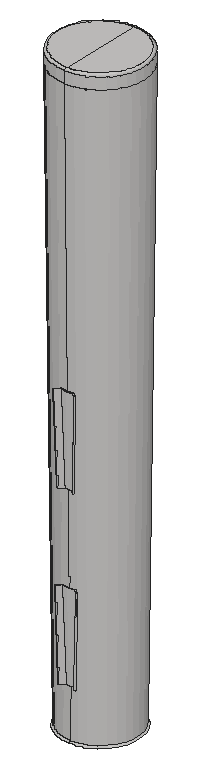
Revit family "QF_Vollrath_PLC-2", category Specialty Equipment, Revit 2016
Family settings
  Part Type = Normal
  Round Connector Dimension = Use Diameter
  OmniClass Number = 23.40.40.00
  OmniClass Title = Food Service Equipment and Furnishings
  Work Plane-Based = Yes
  Always vertical = Yes
  Cut with Voids When Loaded = No
  Shared = No
  Room Calculation Point = No
Parameters
  Width = 3 3/4"
  Weight in Pounds = 0
  Watermarked By = ""
  URL Cutsheet = ""
  Specification by User [instance] = ""
  Specification by Manufacturer [instance] = ""
  Serial Number [instance] = ""
  Revision Code [instance] = ""
  NAFEM Spec ID Number [instance] = ""
  Model = "PLC-2"
  Masterspec [instance] = ""
  Manufacturer = "Vollrath"
  Item Number [instance] = "-"
  Installed By [instance] = ""
  Height = 25 3/4"
  Furnished By [instance] = ""
  Foodservice Equipment Identifier = yes
  Description = "Cup Dispenser"
  Depth = 3 3/4"
  Default Elevation = 48"
  CSI MasterFormat = ""
Reference planes (in)
  plane 1 "BACK": y = 0
  plane 2 "BOTTOM": z = 0
  plane 3 "LEFT": x = -16.56573
  plane 4 "RIGHT": x = -12.81573
  plane 5 "FRONT": y = -3.75
  plane 6 "TOP": z = 25.75
  plane 7: z = 25.16
  plane 8 "CNTR LR": x = -14.69073
  plane 9 "CNTR FB": y = -1.875
  plane 10 "Bottom Screw 1": z = 2.19
  plane 11 "Bottom of Screw 2": z = 5.94
  plane 12 "Top Screw 1": z = 9.69
  plane 13 "Top Screw 2": z = 12.875
Forms (in)
  Revolve 1, solid, material "QF_Stainless-Polished"
    sketch origin (-14.69073, 0, 0) x (0, 1, 0) y (0, 0, 1)
      loop
        line (-0.1, 25.75) -> (-1.875, 25.75) -> (-1.875, 25.16) -> (0, 25.16) -> (0, 25.65)
        arc (0, 25.65) -> (-0.02929, 25.72071) -> (-0.1, 25.75) r 0.1
      axis (-1.875, 25.16) -> (-1.875, 25.75)
    angle from 0 to 360
  Blend 2, solid, material "QF_Stainless-Polished"
    base sketch origin (0, 0, 9.69) x (0, 1, 0) y (-1, 0, 0)
      loop
        arc (-3.57724, 14.85245) -> (-3.58511, 14.69073) -> (-3.57724, 14.529) r 1.66662
        line (-3.57724, 14.529) -> (-3.74289, 14.36334)
        arc (-3.74289, 14.36334) -> (-3.73907, 14.34268) -> (-3.735, 14.32206) r 1.85355
        line (-3.735, 14.32206) -> (-3.54523, 14.51858)
        arc (-3.54523, 14.51858) -> (-3.55431, 14.69073) -> (-3.54523, 14.86287) r 1.63583
        line (-3.54523, 14.86287) -> (-3.735, 15.05939)
        arc (-3.735, 15.05939) -> (-3.73907, 15.03877) -> (-3.74289, 15.01811) r 1.85355
        line (-3.74289, 15.01811) -> (-3.57724, 14.85245)
    top sketch origin (0, 0, 9.69) x (0, 1, 0) y (-1, 0, 0)
      loop
        line (-3.80371, 15.1165) -> (-3.64546, 14.95825)
        arc (-3.64546, 14.95825) -> (-3.66727, 14.69073) -> (-3.64546, 14.4232) r 1.65169
        line (-3.64546, 14.4232) -> (-3.80371, 14.26495)
        arc (-3.80371, 14.26495) -> (-3.79892, 14.2453) -> (-3.7939, 14.22569) r 1.83812
        line (-3.7939, 14.22569) -> (-3.61239, 14.41384)
        arc (-3.61239, 14.41384) -> (-3.63622, 14.69073) -> (-3.61239, 14.96761) r 1.62063
        line (-3.61239, 14.96761) -> (-3.7939, 15.15576)
        arc (-3.7939, 15.15576) -> (-3.79892, 15.13615) -> (-3.80371, 15.1165) r 1.83812
    from 0 to 3.75
  Revolve 3, solid, material "QF_Stainless-Polished"
    sketch origin (-14.69073, 0, 0) x (0, 1, 0) y (0, 0, 1)
      loop
        line (-0.31735, 0) -> (-0.23249, 0)
        arc (-0.23249, 0) -> (-0.28229, 0.0208) -> (-0.30249, 0.07084) r 0.07
        line (-0.30249, 0.07084) -> (0, 25.16) -> (-0.04, 25.16) -> (-0.3425, 0.07027)
        arc (-0.3425, 0.07027) -> (-0.33607, 0.03294) -> (-0.31735, 0) r 0.11
      axis (-1.875, 0) -> (-1.875, 25.16)
    angle from 0 to 360
  Blend 4, solid, material "QF_Stainless-Polished"
    base sketch origin (0, 0.07343, 2.19) x (0, 1, 0) y (-1, 0, 0)
      loop
        arc (-3.57724, 14.85245) -> (-3.58511, 14.69073) -> (-3.57724, 14.529) r 1.66662
        line (-3.57724, 14.529) -> (-3.74289, 14.36334)
        arc (-3.74289, 14.36334) -> (-3.73907, 14.34268) -> (-3.735, 14.32206) r 1.85355
        line (-3.735, 14.32206) -> (-3.54523, 14.51858)
        arc (-3.54523, 14.51858) -> (-3.55431, 14.69073) -> (-3.54523, 14.86287) r 1.63583
        line (-3.54523, 14.86287) -> (-3.735, 15.05939)
        arc (-3.735, 15.05939) -> (-3.73907, 15.03877) -> (-3.74289, 15.01811) r 1.85355
        line (-3.74289, 15.01811) -> (-3.57724, 14.85245)
    top sketch origin (0, 0.07343, 2.19) x (0, 1, 0) y (-1, 0, 0)
      loop
        line (-3.80371, 15.1165) -> (-3.64546, 14.95825)
        arc (-3.64546, 14.95825) -> (-3.66727, 14.69073) -> (-3.64546, 14.4232) r 1.65169
        line (-3.64546, 14.4232) -> (-3.80371, 14.26495)
        arc (-3.80371, 14.26495) -> (-3.79892, 14.2453) -> (-3.7939, 14.22569) r 1.83812
        line (-3.7939, 14.22569) -> (-3.61239, 14.41384)
        arc (-3.61239, 14.41384) -> (-3.63622, 14.69073) -> (-3.61239, 14.96761) r 1.62063
        line (-3.61239, 14.96761) -> (-3.7939, 15.15576)
        arc (-3.7939, 15.15576) -> (-3.79892, 15.13615) -> (-3.80371, 15.1165) r 1.83812
    from 0 to 3.75
Lines and regions (in)
  symbolic lines
    curve 1: circle (-14.69073, -1.875, 9.69) r 1.875 normal (0, 0, 1)
  symbolic lines, style "QF_Details_Surface"
    curve 2: line (-14.96761, -3.61239, 9.69) -> (-15.15576, -3.7939, 9.69)
    curve 3: line (-15.1165, -3.80371, 9.69) -> (-14.95825, -3.64546, 9.69)
    curve 4: arc (-14.95825, -3.64546, 9.69) -> (-14.69073, -3.66727, 9.69) -> (-14.4232, -3.64546, 9.69) r 1.65169
    curve 5: arc (-14.41384, -3.61239, 9.69) -> (-14.69073, -3.63622, 9.69) -> (-14.96761, -3.61239, 9.69) r 1.62063
    curve 6: line (-14.4232, -3.64546, 9.69) -> (-14.26495, -3.80371, 9.69)
    curve 7: line (-14.22569, -3.7939, 9.69) -> (-14.41384, -3.61239, 9.69)
    curve 8: arc (-14.26495, -3.80371, 9.69) -> (-14.2453, -3.79892, 9.69) -> (-14.22569, -3.7939, 9.69) r 1.83812
    curve 9: arc (-15.15576, -3.7939, 9.69) -> (-15.13615, -3.79892, 9.69) -> (-15.1165, -3.80371, 9.69) r 1.83812
Dimensions and locks (in)
  "Width": plane 3 "LEFT" to plane 4 "RIGHT"
  "Depth": plane 5 "FRONT" to plane 1 "BACK"
  "Height": plane 6 "TOP" to plane 2 "BOTTOM"
  locked: plane 6 "TOP" to plane 7 at 0.59
  equal spacing: plane 3 "LEFT", plane 8 "CNTR LR", plane 4 "RIGHT"
  equal spacing: plane 5 "FRONT", plane 9 "CNTR FB", plane 1 "BACK"
  locked: plane 11 "Bottom of Screw 2" to plane 10 "Bottom Screw 1" at 3.75
  locked: plane 12 "Top Screw 1" to plane 11 "Bottom of Screw 2" at 3.75
  equal spacing: plane 6 "TOP", plane 13 "Top Screw 2", plane 2 "BOTTOM"
  plane 10 "Bottom Screw 1" to plane 2 "BOTTOM" = 2.19"
  aligned and locked: level to plane 2 "BOTTOM"
  aligned and locked: Revolve 1 sketch curve to Revolve 1 sketch curve
  aligned and locked: plane 7 to Revolve 1 sketch curve
  aligned and locked: Revolve 1 sketch curve to plane 9 "CNTR FB"
  aligned and locked: Revolve 1 sketch curve to plane 6 "TOP"
  aligned and locked: plane 1 "BACK" to Revolve 1 sketch curve
Automatic sketch dimensions
  Revolve 1 sketch curve to plane 7 = 0"
  Revolve 1 sketch curve to plane 6 "TOP" = 0"
  Revolve 1 sketch curve to Revolve 1 sketch curve = 0.1"
  Blend 2 sketch curve to Blend 2 sketch curve = 0"  (x24)
  Blend 2 sketch curve to plane 8 "CNTR LR" = 0"  (x2)
  Blend 2 sketch curve to plane 5 "FRONT" = 0.00711"  (x2)
  Blend 2 sketch curve to plane 5 "FRONT" = 0.015"  (x2)
  Blend 2 sketch curve to plane 5 "FRONT" = 0.17276"
  plane 8 "CNTR LR" to Blend 2 sketch curve = 0.16173"
  Blend 2 sketch curve to Blend 2 sketch curve = 0.16565"  (x3)
  Blend 2 sketch curve to Blend 2 sketch curve = 0.03201"  (x2)
  plane 8 "CNTR LR" to Blend 2 sketch curve = 0.17214"
  plane 9 "CNTR FB" to Blend 2 sketch curve = 0.04348"
  plane 5 "FRONT" to Blend 2 sketch curve = 0.05371"  (x2)
  Blend 2 sketch curve to Blend 2 sketch curve = 0.00981"  (x2)
  Blend 2 sketch curve to plane 5 "FRONT" = 0.10454"  (x2)
  Blend 2 sketch curve to Blend 2 sketch curve = 0.03307"  (x2)
  plane 9 "CNTR FB" to Blend 2 sketch curve = 0.14058"
  plane 8 "CNTR LR" to Blend 2 sketch curve = 0.26752"
  Blend 2 sketch curve to Blend 2 sketch curve = 0.00936"
  Blend 2 sketch curve to Blend 2 sketch curve = 0.15825"  (x2)
  Revolve 3 sketch curve to plane 7 = 0"  (x2)
  Revolve 3 sketch curve to plane 9 "CNTR FB" = 0"
  Revolve 3 sketch curve to level = 0"  (x2)
  Revolve 3 sketch curve to plane 1 "BACK" = 0"
  level to Revolve 3 sketch curve = 0.07027"
  plane 1 "BACK" to Revolve 3 sketch curve = 0.3425"
  Revolve 3 sketch curve to Revolve 3 sketch curve = 0.02515"
  level to Revolve 3 sketch curve = 0.07084"
  Revolve 3 sketch curve to Revolve 3 sketch curve = 0.04001"
  Revolve 3 sketch curve to Revolve 3 sketch curve = 0.06999"
  Revolve 3 sketch curve to Revolve 3 sketch curve = 0"
  Revolve 3 sketch curve to Revolve 3 sketch curve = 0.04"
  Blend 4 sketch curve to Blend 4 sketch curve = 0"  (x24)
  Blend 4 sketch curve to plane 8 "CNTR LR" = 0"  (x2)
  Blend 4 sketch curve to plane 5 "FRONT" = 0.08054"  (x2)
  Blend 4 sketch curve to plane 5 "FRONT" = 0.08843"  (x2)
  Blend 4 sketch curve to plane 5 "FRONT" = 0.24619"
  plane 8 "CNTR LR" to Blend 4 sketch curve = 0.16173"
  Blend 4 sketch curve to Blend 4 sketch curve = 0.16565"  (x3)
  Blend 4 sketch curve to Blend 4 sketch curve = 0.03201"  (x2)
  plane 8 "CNTR LR" to Blend 4 sketch curve = 0.17214"
  Blend 4 sketch curve to plane 9 "CNTR FB" = 0.02995"
  Blend 4 sketch curve to plane 5 "FRONT" = 0.01972"  (x2)
  Blend 4 sketch curve to Blend 4 sketch curve = 0.00981"  (x2)
  Blend 4 sketch curve to plane 5 "FRONT" = 0.17797"  (x2)
  Blend 4 sketch curve to Blend 4 sketch curve = 0.03307"  (x2)
  plane 9 "CNTR FB" to Blend 4 sketch curve = 0.06715"
  plane 8 "CNTR LR" to Blend 4 sketch curve = 0.26752"
  Blend 4 sketch curve to Blend 4 sketch curve = 0.00936"
  Blend 4 sketch curve to Blend 4 sketch curve = 0.15825"  (x2)
  curve 1 to plane 8 "CNTR LR" = 0"
  plane 9 "CNTR FB" to curve 1 = 0"
  curve 4 to plane 8 "CNTR LR" = 0"
  curve 4 to curve 1 = 0.14058"
  curve 3 to plane 5 "FRONT" = 0.10454"
  curve 3 to plane 8 "CNTR LR" = 0.26752"
  curve 3 to curve 2 = 0.03307"
  curve 4 to plane 5 "FRONT" = 0.10454"
  plane 5 "FRONT" to curve 2 = 0.0439"
  curve 3 to curve 2 = 0.00981"
  curve 3 to curve 2 = 0.00936"
  curve 3 to curve 3 = 0.15825"
  curve 3 to curve 2 = 0.03926"
  curve 4 to curve 5 = 0"  (x2)
  curve 4 to curve 5 = 0.03307"
  plane 5 "FRONT" to curve 6 = 0.05371"
  curve 6 to curve 4 = 0.15825"
  curve 6 to curve 7 = 0.00981"
  curve 7 to curve 6 = 0.03926"
  curve 4 to curve 8 = 0"
  curve 4 to curve 9 = 0"
  radius of curve 1 = 1 7/8"
